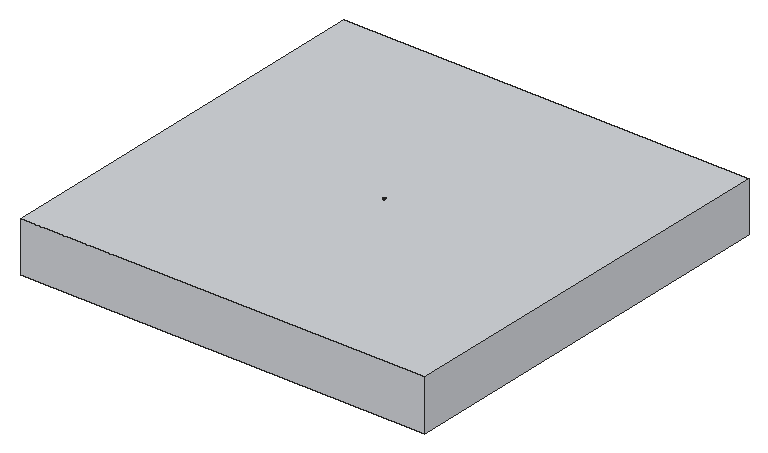
Revit family "Bolzenanker BZ-IG, vz", category HLS-Bauteile, Revit 2017
Family settings
  Basisbauteil = Fläche
  Bemaßung runder Anschluss = Durchmesser verwenden
  Teiletyp = Normal
  Beim Laden mit Abzugskörper schneiden = Nein
  Gemeinsam genutzt = Ja
  Raumberechnungspunkt = Nein
Parameters (values of type "Bolzenanker BZ-IG M12-0, gvz")
  vpe = "20 St"
  max. Klemmstärke red. = ""
  d1 = 8 mm
  Default Elevation = 1219.2 mm
  Verankerungstiefe red. = ""
  Verankerungstiefe = "80 mm"
  T = 86 mm
  Setztiefe red. = ""
  Setztiefe = ""
  Regelhalter [instance] = ""
  Mengeneinheit = "St"
  Material = "Stahl"
  Länge Gewinde = 27 mm
  Länge Dübel = 86 mm
  Länge = 27 mm
  Kurztext2 = "M12"
  Kurztext1 = "Bolzenanker BZ IG"
  Gewinde = "M12"
  Gewicht pro Bauteil = Gewicht  # 0.1015 kg
  Gewicht = 0.1015 kg
  Firma = "MEFA Befestigungs- und Montagesysteme GmbH"
  Fabrikat = "MKT"
  EAN = "4043315079961"
  D = 5 mm
  Bohrlochtiefe red. = ""
  Bohrlochtiefe = "105 mm"
  Ausführung = ""
  Artikelnummer = "2218036301"
Types (4, lengths in mm): name | vpe | d1 | Verankerungstiefe | T | Länge Gewinde | Länge Dübel | Länge | Kurztext2 | Gewinde | Gewicht pro Bauteil | Gewicht | EAN | D | Bohrlochtiefe | Artikelnummer
  (no name) | "20 St" | 8 | "80 mm" | 86 | 27 | 86 | 27 | "M12" | "M12" | 0.1015 kg | 0.1015 kg | "4043315079961" | 5 | "105 mm" | "2218036301"
  Bolzenanker BZ-IG M 8-0, gvz | "50 St" | 5 | "58 mm" | 62 | 22 | 62 | 22 | "M8" | "M8" | 0.0262 kg | 0.0262 kg | "4043315079947" | 3.3 | "75 mm" | "2218036101"
  Bolzenanker BZ-IG M10-0, gvz | "25 St" | 6 | "65 mm" | 70 | 23 | 70 | 23 | "M10" | "M10" | 0.0432 kg | 0.0432 kg | "4043315079954" | 4.2 | "90 mm" | "2218036201"
  Bolzenanker BZ-IG M12-0, gvz | "20 St" | 8 | "80 mm" | 86 | 27 | 86 | 27 | "M12" | "M12" | 0.1015 kg | 0.1015 kg | "4043315079961" | 5 | "105 mm" | "2218036301"
Reference planes
  plane 1 "Mitte (Vorne/hinten)": y = 0
  plane 2: z = 0
  plane 3 "Mitte (Links/rechts)": x = 0
Forms (mm)
  Extrusion 1, solid
    sketch origin (0, 0, 0) x (1, 0, 0) y (0, 1, 0)
      loop
        line (-1219.2, 1219.2) -> (-1219.2, -1219.2) -> (1219.2, -1219.2) -> (1219.2, 1219.2) -> (-1219.2, 1219.2)
    from 0 to -304.8
  Extrusion 2, solid
    sketch origin (0, 0, 0) x (1, 0, 0) y (0, 1, 0)
      loop
        circle (0, 0) r 8
    from 0 to -86
  Extrusion 3, void
    sketch origin (0, 0, 0) x (1, 0, 0) y (0, 1, 0)
      loop
        circle (0, 0) r 5
    from 0 to -27
Cuts and joins
  Extrusion 3 cuts Extrusion 2
Lines and regions (mm)
  model lines
    curve 1: line (0, 0, 10) -> (0, 0, -95)
    curve 2: line (0, -12.5, 0) -> (0, 12.5, 0)
    curve 3: line (-12.5, 0, 0) -> (12.5, 0, 0)
Dimensions and locks
  "T": Extrusion 1 to Extrusion 2
  "Länge": Extrusion 1 to cut or joined group of Extrusion 2, Extrusion 3
  "d1": radius of Extrusion 2 sketch curve
  "D": radius of Extrusion 3 sketch curve
  aligned and locked: plane 2 to Extrusion 1
  aligned and locked: level to Extrusion 1
  aligned and locked: curve 3 to level
Automatic sketch dimensions
  Extrusion 1 sketch curve to Extrusion 1 sketch curve = 2438.4 mm  (x2)
  curve 2 to level = 0 mm
  curve 1 to plane 1 "Mitte (Vorne/hinten)" = 0 mm
  plane 1 "Mitte (Vorne/hinten)" to curve 2 = 12.5 mm
  curve 2 to plane 1 "Mitte (Vorne/hinten)" = 12.5 mm
  curve 1 to level = 95 mm
  level to curve 1 = 10 mm
  curve 3 to plane 3 "Mitte (Links/rechts)" = 12.5 mm
  plane 3 "Mitte (Links/rechts)" to curve 3 = 12.5 mm
  plane 1 "Mitte (Vorne/hinten)" to Extrusion 2 sketch curve = 0 mm
  Extrusion 2 sketch curve to plane 3 "Mitte (Links/rechts)" = 0 mm
  plane 1 "Mitte (Vorne/hinten)" to Extrusion 3 sketch curve = 0 mm
  Extrusion 3 sketch curve to plane 3 "Mitte (Links/rechts)" = 0 mm
